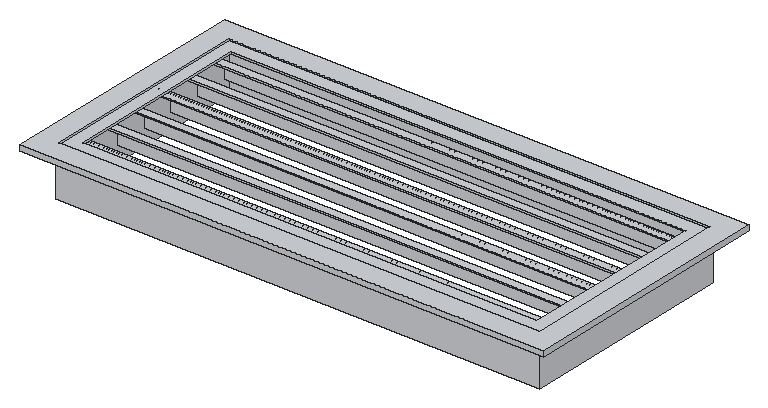
Revit family "GRSDH-Horizontal Air Grille", category Generic Models, host Face, Revit 2019
Family settings
  Host = Face
  Can host rebar = No
  Round Connector Dimension = Use Diameter
  Part Type = Normal
  Cut with Voids When Loaded = No
  Shared = No
  Room Calculation Point = No
Parameters
  Default Elevation = 48.00"
Reference planes (in)
  plane 1 "Center (Front/Back)": y = 0
  plane 2: z = 0
  plane 3 "Center (Left/Right)": x = 0
Forms (in)
  Extrusion 1, solid
    sketch origin (-18.5625, 20.90625, 0) x (1, 0, 0) y (0, 1, 0)
      loop
        line (25.23, -18.19212) -> (11.895, -18.19212) -> (11.895, -23.63625) -> (25.23, -23.63625) -> (25.23, -18.19212)
      loop
        line (11.495, -17.77625) -> (11.495, -24.03625) -> (25.63, -24.03625) -> (25.63, -17.77625) -> (11.495, -17.77625)
    from 0.08 to 0.12
  Extrusion 2, solid
    sketch origin (-18.5625, 20.90625, 0) x (1, 0, 0) y (0, 1, 0)
      loop
        line (26.25, -17.15625) -> (10.875, -17.15625) -> (10.875, -24.65625) -> (26.25, -24.65625) -> (26.25, -17.15625)
      loop
        line (11.495, -17.77625) -> (11.495, -24.03625) -> (25.63, -24.03625) -> (25.63, -17.77625) -> (11.495, -17.77625)
    from 0 to 0.16
  Extrusion 3, solid
    sketch origin (-18.5625, 20.90625, 0) x (1, 0, 0) y (0, 1, 0)
      loop
        line (25.67, -17.73625) -> (11.455, -17.73625) -> (11.455, -24.07625) -> (25.67, -24.07625) -> (25.67, -17.73625)
      loop
        line (11.495, -17.77625) -> (11.495, -24.03625) -> (25.63, -24.03625) -> (25.63, -17.77625) -> (11.495, -17.77625)
    from 0 to -1.31
  Extrusion 4, solid
    sketch origin (0, 0.23669, 0) x (0, -1, 0) y (0, 0, 1)
      loop
        line (1.176, -0.48569) -> (1.176, -0.82069) -> (1.216, -0.82069) -> (1.216, -0.50225) -> (1.75825, 0.04) -> (1.99169, 0.04) -> (1.99169, 0.08) -> (1.74169, 0.08) -> (1.176, -0.48569)
      loop
        line (2.71869, 0.08) -> (2.153, -0.48569) -> (2.153, -0.82069) -> (2.193, -0.82069) -> (2.193, -0.50225) -> (2.73525, 0.04) -> (2.96869, 0.04) -> (2.96869, 0.08) -> (2.71869, 0.08)
      loop
        line (0.199, -0.48569) -> (0.199, -0.82069) -> (0.239, -0.82069) -> (0.239, -0.50225) -> (0.78125, 0.04) -> (1.01469, 0.04) -> (1.01469, 0.08) -> (0.76469, 0.08) -> (0.199, -0.48569)
      loop
        line (-0.778, -0.48569) -> (-0.778, -0.82069) -> (-0.738, -0.82069) -> (-0.738, -0.50225) -> (-0.19575, 0.04) -> (0.03769, 0.04) -> (0.03769, 0.08) -> (-0.21231, 0.08) -> (-0.778, -0.48569)
      loop
        line (-1.755, -0.48569) -> (-1.755, -0.82069) -> (-1.715, -0.82069) -> (-1.715, -0.50225) -> (-1.17275, 0.04) -> (-0.93931, 0.04) -> (-0.93931, 0.08) -> (-1.18931, 0.08) -> (-1.755, -0.48569)
      loop
        line (-2.732, -0.48569) -> (-2.732, -0.82069) -> (-2.692, -0.82069) -> (-2.692, -0.50225) -> (-2.14975, 0.04) -> (-1.91631, 0.04) -> (-1.91631, 0.08) -> (-2.16631, 0.08) -> (-2.732, -0.48569)
    from -7.0675 to 7.0675
Dimensions and locks (in)
  aligned and locked: plane 2 to host face
  aligned and locked: level to host face
